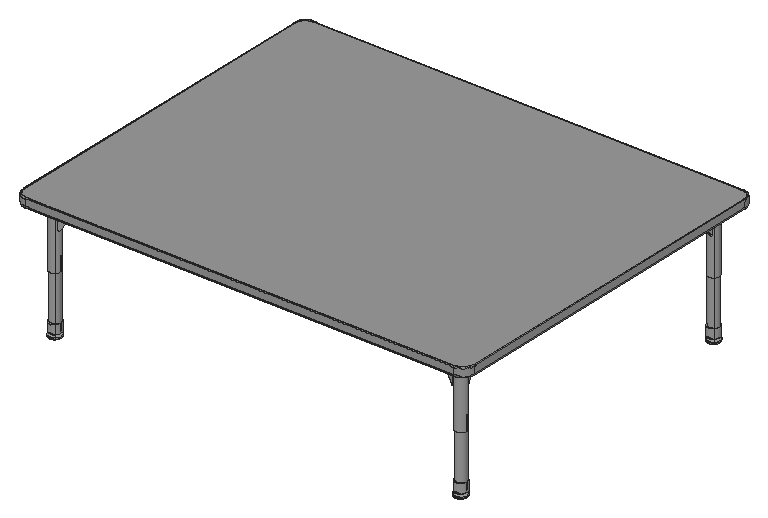
Revit family "Hierarchy Activity 60x48 Rectangle Table - Youth Height", category Furniture, Revit 2018
Family settings
  Work Plane-Based = No
  Always vertical = Yes
  Cut with Voids When Loaded = No
  Shared = No
  Room Calculation Point = No
Parameters
  Table Height = 1' - 4"
  Surface = Hierarchy Activity 60x48 Rectangle Table Youth Surface
  Leg Finish = Hierarchy Leg Platinum
  Edgeband = Hierarchy Activity 60x48 Rectangle Table Youth Edgeband
  Caster/Glide = Hierarchy Youth Leg - Glide : Hierarchy Youth Leg - Glide
Reference planes (in)
  plane 1 "Center (Front/Back)": y = 0
  plane 2: z = 0
  plane 3 "Center (Left/Right)": x = 0
  plane 4: z = 16
Dimensions and locks (in)
  "Table Height": plane 4 to level
  aligned and locked: plane 2 to level
  aligned and locked: nested 1 to plane 4
Nested families (in)
  nested 1: "Activity 60x48 Tabletop" at (0, 0, -7.925), type "Activity 60x48 Tabletop"
  nested 2: "Hierarchy Youth Leg - Glide" at (-27, 21, 0) x (0.7071, 0.7071, 0) z (0, 0, 1), type <- "Caster/Glide", Leg Finish <- "Leg Finish", Leg Height <- "Table Height", type "Hierarchy Youth Leg - Glide"
    with Leg Height 1' - 4", Leg Finish Hierarchy Leg Platinum
  nested 3: "Hierarchy Youth Leg - Glide" at (-27, -21, 0) x (-0.7071, 0.7071, 0) z (0, 0, 1), type <- "Caster/Glide", Leg Finish <- "Leg Finish", Leg Height <- "Table Height", type "Hierarchy Youth Leg - Glide"
    with Leg Height 1' - 4", Leg Finish Hierarchy Leg Platinum
  nested 4: "Hierarchy Youth Leg - Glide" at (27, -21, 0) x (-0.7071, -0.7071, 0) z (0, 0, 1), Leg Finish <- "Leg Finish", Leg Height <- "Table Height", type "Hierarchy Youth Leg - Glide"
    with Leg Height 1' - 4", Leg Finish Hierarchy Leg Platinum
  nested 5: "Hierarchy Youth Leg - Glide" at (27, 21, 0) x (0.7071, -0.7071, 0) z (0, 0, 1), Leg Finish <- "Leg Finish", Leg Height <- "Table Height", type "Hierarchy Youth Leg - Glide"
    with Leg Height 1' - 4", Leg Finish Hierarchy Leg Platinum
Definition of nested family "Activity 60x48 Tabletop"
  Parameters (values of type "Activity 60x48 Tabletop")
    Surface = none
    Edgeband = none
  Reference planes (in)
    plane 1 "Center (Front/Back)": y = 0
    plane 2: z = 0
    plane 3 "Center (Left/Right)": x = 0
  Forms (in)
    Extrusion 1, solid, material <- "Surface"
      sketch origin (0, 0, 0) x (1, 0, 0) y (0, 1, 0)
        loop
          line (28.5, 23.88189) -> (-28.5, 23.88189)
          arc (-28.5, 23.88189) -> (-29.47714, 23.47714) -> (-29.88189, 22.5) r 1.38189
          line (-29.88189, 22.5) -> (-29.88189, -22.5)
          arc (-29.88189, -22.5) -> (-29.47714, -23.47714) -> (-28.5, -23.88189) r 1.38189
          line (-28.5, -23.88189) -> (28.5, -23.88189)
          arc (28.5, -23.88189) -> (29.47714, -23.47714) -> (29.88189, -22.5) r 1.38189
          line (29.88189, -22.5) -> (29.88189, 22.5)
          arc (29.88189, 22.5) -> (29.47714, 23.47714) -> (28.5, 23.88189) r 1.38189
      from 23.925 to 25.125
    Sweep 2, solid, material <- "Edgeband"
      path origin (0, 0, 0) x (1, 0, 0) y (0, 1, 0)
        loop
          line (28.5, 23.88189) -> (-28.5, 23.88189)
          arc (-28.5, 23.88189) -> (-29.47714, 23.47714) -> (-29.88189, 22.5) r 1.38189
          line (-29.88189, 22.5) -> (-29.88189, -22.5)
          arc (-29.88189, -22.5) -> (-29.47714, -23.47714) -> (-28.5, -23.88189) r 1.38189
          line (-28.5, -23.88189) -> (28.5, -23.88189)
          arc (28.5, -23.88189) -> (29.47714, -23.47714) -> (29.88189, -22.5) r 1.38189
          line (29.88189, -22.5) -> (29.88189, 22.5)
          arc (29.88189, 22.5) -> (29.47714, 23.47714) -> (28.5, 23.88189) r 1.38189
      profile origin (0, 23.88189, 0) x (0, -1, 0) y (0, 0, 1)
        loop
          arc (0, 25.125) -> (-0.08352, 25.09041) -> (-0.11811, 25.00689) r 0.11811
          line (-0.11811, 25.00689) -> (-0.11811, 24.04311)
          arc (-0.11811, 24.04311) -> (-0.08352, 23.95959) -> (0, 23.925) r 0.11811
          line (0, 23.925) -> (0, 25.125)
  Dimensions and locks (in)
    aligned and locked: plane 2 to level
Definition of nested family "Hierarchy Youth Leg - Glide"
  Parameters (values of type "Hierarchy Youth Leg - Glide")
    Leg Finish [instance] = none
    Leg Height [instance] = 1' - 4.80117"
  Reference planes (in)
    plane 1 "Center (Front/Back)": y = 0
    plane 2: z = 0
    plane 3 "Center (Left/Right)": x = 0
  Forms (in)
    Extrusion 1, solid
      sketch origin (-0.01562, 0, 0) x (1, 0, 0) y (0, 1, 0)
        loop
          circle (0.01563, 0) r 0.67016
      from 0.67618 to 10.55018
    Revolve 2, solid
      sketch origin (0, 0, 0) x (1, 0, 0) y (0, 0, 1)
        loop
          line (-0.73189, 1.80118) -> (-0.79439, 1.73867) -> (-0.79439, 0.61381) -> (-0.73176, 0.55118) -> (-0.125, 0.55118) -> (-0.125, 0.42618) -> (-0.84656, 0.16241) -> (-0.84656, 0.08994) -> (-0.81359, 0) -> (0, 0) -> (0, 1.80118) -> (-0.73189, 1.80118)
        axis (0, 1.80118) -> (0, 0)
      angle from 0 to 360
  Dimensions and locks (in)
    "Leg Height": nested 1 to level  (x2)
    aligned and locked: plane 2 to level
  Automatic sketch dimensions
    plane 1 "Center (Front/Back)" to Extrusion 1 sketch curve = 0' - 0"
    Extrusion 1 sketch curve to plane 3 "Center (Left/Right)" = 0' - 0"
    Revolve 2 sketch curve to level = 0' - 0"
    Revolve 2 sketch curve to plane 3 "Center (Left/Right)" = 0' - 0"  (x2)
    Revolve 2 sketch curve to plane 3 "Center (Left/Right)" = 0' - 0 1/8"
    Revolve 2 sketch curve to Revolve 2 sketch curve = 0' - 0.60676"
    Revolve 2 sketch curve to Revolve 2 sketch curve = 0' - 0.73189"
    Revolve 2 sketch curve to Revolve 2 sketch curve = 0' - 0.06263"  (x2)
    Revolve 2 sketch curve to Revolve 2 sketch curve = 0' - 0.08183"
    Revolve 2 sketch curve to Revolve 2 sketch curve = 0' - 0.03297"
    level to Revolve 2 sketch curve = 0' - 0.08994"
    Revolve 2 sketch curve to Revolve 2 sketch curve = 0' - 0.07247"
    level to Revolve 2 sketch curve = 0' - 0.42618"
    Revolve 2 sketch curve to Revolve 2 sketch curve = 0' - 0 1/8"
    Revolve 2 sketch curve to Revolve 2 sketch curve = 0' - 1.12486"
    Revolve 2 sketch curve to Revolve 2 sketch curve = 0' - 0 1/16"
    Revolve 2 sketch curve to level = 2' - 0"
    Revolve 2 sketch curve to Revolve 2 sketch curve = 8' - 4.91764"
    radius of Extrusion 1 sketch curve = 0' - 0.67016"
  Nested families (in)
    nested 1: "Hierarchy Youth Upper Leg 2023" at (0, 0, 0), Leg Finish <- "Leg Finish", type "Hierarchy Youth Upper Leg 2023"
      with Leg Finish none
  Definition of nested family "Hierarchy Youth Upper Leg 2023"
    Parameters (values of type "Hierarchy Youth Upper Leg 2023")
      Leg Finish [instance] = none
    Reference planes (in)
      plane 1 "Center (Front/Back)": y = 0
      plane 2: z = 0
      plane 3 "Center (Left/Right)": x = 0
    Forms (in)
      Extrusion 1, solid, material <- "Leg Finish"
        sketch origin (0, 0, -11.001) x (1, 0, 0) y (0, 1, 0)
          loop
            circle (0, 0) r 0.75
        from 19.67618 to 27.67618
      Extrusion 2, solid, material <- "Leg Finish"
        sketch origin (0, 0, -11.001) x (1, 0, 0) y (0, 1, 0)
          loop
            line (-1.70174, 0.19183) -> (-2.88626, -2.26116)
            arc (-2.88626, -2.26116) -> (-2.83993, -3.09822) -> (-2.1063, -3.50394) r 0.86614
            line (-2.1063, -3.50394) -> (2.1063, -3.50394)
            arc (2.1063, -3.50394) -> (2.83993, -3.09822) -> (2.88626, -2.26116) r 0.86614
            line (2.88626, -2.26116) -> (1.70174, 0.19183)
            arc (1.70174, 0.19183) -> (0, 1.25984) -> (-1.70174, 0.19183) r 1.88976
        from 27.67618 to 27.80217
      Extrusion 3, solid, material <- "Leg Finish"
        sketch origin (-1.48519, 8.66524, -11.001) x (-0.434844, 0.900506, 0) y (0, 0, 1)
          loop
            line (-9.01425, 27.67618) -> (-11.80952, 27.67618)
            arc (-11.80952, 27.67618) -> (-11.92325, 27.58993) -> (-11.87088, 27.45715) r 0.11811
            arc (-11.87088, 27.45715) -> (-10.39364, 26.29679) -> (-9.23328, 24.81955) r 7.87402
            arc (-9.23328, 24.81955) -> (-9.1005, 24.76717) -> (-9.01425, 24.88091) r 0.11811
            line (-9.01425, 24.88091) -> (-9.01425, 27.67618)
        from -1.94075 to -1.81476
      Extrusion 4, solid, material <- "Leg Finish"
        sketch origin (1.48519, 8.66524, -11.001) x (0.434844, 0.900506, 0) y (0, 0, -1)
          loop
            line (-9.01425, -27.67618) -> (-9.01425, -24.88091)
            arc (-9.01425, -24.88091) -> (-9.1005, -24.76717) -> (-9.23328, -24.81955) r 0.11811
            arc (-9.23328, -24.81955) -> (-10.39364, -26.29679) -> (-11.87088, -27.45715) r 7.87402
            arc (-11.87088, -27.45715) -> (-11.92325, -27.58993) -> (-11.80952, -27.67618) r 0.11811
            line (-11.80952, -27.67618) -> (-9.01425, -27.67618)
        from -1.94075 to -1.81476
    Dimensions and locks (in)
      aligned and locked: plane 2 to level
